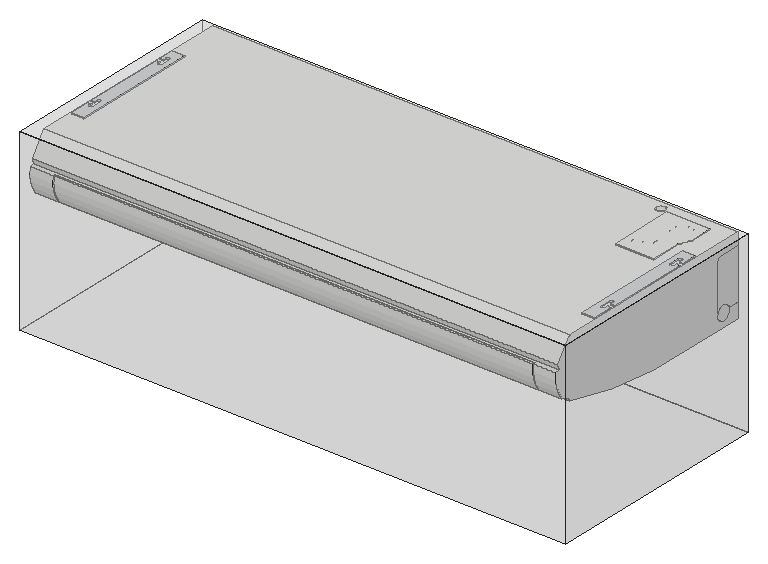
Revit family "outputfile", category 機械設備, Revit 2024
Family settings
  丸型コネクタ寸法 = 半径を使用
  パーツ タイプ = 標準
  OmniClass 番号 = 23.75.10.24.21.27.27
  OmniClass タイトル = Split System Air Conditioning Units
  作業面ベース = いいえ
  常に垂直 = はい
  ロード時にボイドで切り取り = いいえ
  注釈の向きを維持 = いいえ
  共有 = いいえ
  部屋計算ポイント = はい
Parameters (values of type "FXHQ140BVM")
  Description = ""
  製造元 = "Daikin"
  書き出し IFC クラス(タイプ) = "IfcUnitaryEquipmentType"
  定義済み IFC タイプ(タイプ) = "AIRCONDITIONINGUNIT"
  Cost = 0
  モデル = "FXHQ140BVM"
  Type Comments = ""
  Keynote = ""
  Type Image = (empty or 0)
  Assembly Code = ""
  r_Liquid Pipe Size = Liquid Pipe Size / 2  # 4.75 mm
  r_Gas Pipe Size = Gas Pipe Size / 2  # 7.95 mm
  r_Drain Pipe Size = Drain Pipe Size / 2  # 10.0 mm
  l_powersupply [instance] = if(Rear Right Connection_powersupply, 29.0 mm, 175.0 mm)  # 29.0 mm
  h_mountinghole = 2.0 mm  # constant formula
  angle_vertical_powersupply [instance] = if(Rear Right Connection_powersupply, 90.00°, 180.00°)  # 90.00°
  angle_vertical_drainpipe [instance] = if(or(Left Connection_drainpipe, Right Connection_drainpipe), 90.00°, if(Top Connection_drainpipe, 180.00°, -90.00°))  # -90.00°
  angle_horizontal_powersupply [instance] = if(Rear Right Connection_powersupply, 180.00°, 0.00°)  # 180.00°
  angle_horizontal_drainpipe [instance] = if(Right Connection_drainpipe, 90.00°, if(Left Connection_drainpipe, -90.00°, 0.00°))  # 0.00°
  Voltage_comment_60Hz = "220"
  Voltage_comment_50Hz = "220-240"
  Voltage_60Hz = 220 V
  Voltage_50Hz = 220 V
  URL = ""
  Top Connection_refrigerant [instance] = no
  Top Connection_powersupply [instance] = not(Rear Right Connection_powersupply)  # no
  Right Connection_refrigerant [instance] = no
  Rear Right Connection_refrigerant [instance] = yes
  Phase_60Hz = 1
  Phase_50Hz = 1
  Minimum Circuit Amps_60Hz = 1.4 A
  Minimum Circuit Amps_50Hz = 1.4 A
  Maximum Fuse Amps_60Hz = 15.0 A
  Maximum Fuse Amps_50Hz = 15.0 A
  Material_Casing = DAIKIN_White_Casing_indoorunit
  lw_powersupply [instance] = if(Rear Right Connection_powersupply, 220.0 mm, 210.0 mm)  # 220.0 mm
  lw_mountinghole_pitch = 1550.0 mm  # constant formula
  lw_mountinghole = 20.0 mm  # constant formula
  lw_liquidpipe [instance] = if(Right Connection_refrigerant, 156.0 mm, if(Top Connection_refrigerant, 156.0 mm, 136.0 mm))  # 136.0 mm
  lw_gaspipe = 105.0 mm  # constant formula
  lw_drainpipe [instance] = if(Top Connection_drainpipe, 102.0 mm, if(or(Left Connection_drainpipe, Rear Left Connection_drainpipe), 1514.0 mm, 83.0 mm))  # 83.0 mm
  lh_powersupply = 175.0 mm  # constant formula
  lh_liquidpipe [instance] = if(Rear Right Connection_refrigerant, 160.0 mm, 131.0 mm)  # 160.0 mm
  lh_gaspipe [instance] = if(Rear Right Connection_refrigerant, 150.0 mm, 91.0 mm)  # 150.0 mm
  lh_drainpipe = 197.0 mm  # constant formula
  l_antena = 1.0 mm  # constant formula
  ld_powersupply = 30.0 mm  # constant formula
  ld_mountinghole_pitch = 260.0 mm  # constant formula
  ld_mountinghole = 210.0 mm  # constant formula
  ld_liquidpipe [instance] = if(Right Connection_refrigerant, 57.0 mm, if(Top Connection_refrigerant, 189.0 mm, 221.0 mm))  # 221.0 mm
  ld_gaspipe [instance] = if(Right Connection_refrigerant, 57.0 mm, if(Top Connection_refrigerant, 163.0 mm, 214.0 mm))  # 214.0 mm
  ld_drainpipe [instance] = if(or(Left Connection_drainpipe, Right Connection_drainpipe), 57.0 mm, if(Top Connection_drainpipe, 87.0 mm, 268.0 mm))  # 268.0 mm
  l_liquidpipe_length [instance] = if(Right Connection_refrigerant, 156.0 mm, if(Top Connection_refrigerant, 131.0 mm, 220.0 mm))  # 220.0 mm
  l_gaspipe_length [instance] = if(Right Connection_refrigerant, 105.0 mm, if(Top Connection_refrigerant, 91.0 mm, 213.0 mm))  # 213.0 mm
  l_drainpipe_length [instance] = if(Right Connection_drainpipe, 83.0 mm, if(Top Connection_drainpipe, 197.0 mm, if(Left Connection_drainpipe, 76.0 mm, 267.0 mm)))  # 267.0 mm
  h*** = 0.0 mm  # constant formula
  angle_vertical [instance] = if(Right Connection_refrigerant, 90.00°, if(Top Connection_refrigerant, 180.00°, -90.00°))  # -90.00°
  angle_horizontal [instance] = if(Right Connection_refrigerant, 90.00°, 0.00°)  # 0.00°
  Width = 1590.0 mm
  Version = "ver.1.0"
  Unit Type = "Ceiling Suspended Type"
  Unit Mass Weight = 39.00 kg
  Unit Designation [instance] = ""
  Uniclass2015Version = "Products v1.30"
  Uniclass2015Title = "Variable refrigerant flow units"
  Uniclass2015Code = "Pr_70_65_03_94"
  Total Heating Capacity [instance] = 0.000 kW
  Total Cooling Capacity [instance] = 0.000 kW
  Top Connection_drainpipe [instance] = no
  Sound Pressure Level_M speed (dBA) = 0
  Sound Pressure Level_L speed (dBA) = 37
  Sound Pressure Level_H speed (dBA) = 48
  Series = "VRV Fan Coil Unit"
  Sensible Cooling Capacity [instance] = 0.000 kW
  Rear Right Connection_drainpipe [instance] = yes
  Rear Right Connection_powersupply [instance] = yes
  Right Connection_drainpipe [instance] = no
  Refrigerant Type = "R410A"
  Power Input (Heating) = 0.181 kW
  Power Input (Cooling) = 0.181 kW
  Option Accessory 3 [instance] = ""
  Option Accessory 2 [instance] = ""
  Option Accessory 1 [instance] = ""
  Nominal Heating Capacity = 17.000 kW
  Nominal Cooling Capacity = 15.500 kW
  Minimum Airflow = 1200.00 m³/h
  Median Airflow = 0.00 m³/h
  Maximum Airflow = 2160.00 m³/h
  Load Classification = HVAC
  Liquid Pipe Size = 9.5 mm
  Link_Nested Family [instance] = ""
  Rear Left Connection_drainpipe [instance] = no
  Left Connection_drainpipe [instance] = no
  IfcVersion = "0"
  IfcExportType = "AIRCONDITIONINGUNIT"
  IfcExportAs = "IfcUnitaryEquipmentType"
  Height = 235.0 mm
  Heating Entering Wet Bulb Temperature [instance] = 0.00 °C
  Heating Entering Dry Bulb Temperature [instance] = 0.00 °C
  Heating Ambient Wet Bulb Temperature [instance] = 0.00 °C
  Heating Ambient Dry Bulb Temperature [instance] = 0.00 °C
  Heat Exchanger Type = "Cross Fin Coil"
  Gas Pipe Size = 15.9 mm
  Frequency_60Hz = 60 Hz
  Frequency_50Hz = 50 Hz
  Fan Type = "Sirocco Fan"
  Fan Drive = "Direct Drive"
  FCU Tag No. [instance] = ""
  Drain Pipe Size = 20.0 mm
  Design Supply Airflow [instance] = 0.00 m³/h
  Design Outdoor Airflow [instance] = 0.00 m³/h
  Depth = 690.0 mm
  既定の高さ = 0.0 mm
  Cooling Entering Wet Bulb Temperature [instance] = 0.00 °C
  Cooling Entering Dry Bulb Temperature [instance] = 0.00 °C
  Cooling Ambient Wet Bulb Temperature [instance] = 0.00 °C
  Cooling Ambient Dry Bulb Temperature [instance] = 0.00 °C
  Clearance visibility [instance] = yes
  Clearance Top = 5.0 mm
  Clearance Right = 30.0 mm
  Clearance Rear = 0.0 mm
  Clearance Left = 30.0 mm
  Clearance Front = 0.0 mm
  Clearance Bottom = 300.0 mm
Reference planes
  plane 1 "Back": y = 0
  plane 2: z = 0
  plane 3 "Center (Left/Right)": x = 0
  plane 4 "Center (Front/Back)": y = -1
  plane 5 "Front": y = -690
  plane 6 "Left": x = -795
  plane 7 "Right": x = 795
  plane 8 "Top": z = 0
  plane 9 "Bottom": z = -235
  plane 10: y = -690
  plane 11: x = -825
  plane 12: x = 825
  plane 13: z = 5
  plane 14: z = -535
  plane 15: y = 0
  plane 16 "lw_mountinghole": x = -775
  plane 17 "lw_mountinghole2": x = 775
  plane 18 "ld_mountinghole": y = -210
  plane 19 "ld_mountinghole2": y = -470
  plane 20 "lw_gaspipe": x = 690
  plane 21 "ld_gaspipe": y = -214
  plane 22 "lh_gaspipe": z = -150
  plane 23 "lw_liquidpipe": x = 659
  plane 24 "ld_liquidpipe": y = -221
  plane 25 "lh_liquidpipe": z = -160
  plane 26 "ld_drainpipe": y = -268
  plane 27 "lw_drainpipe": x = 712
  plane 28 "lh_drainpipe": z = -197
  plane 29 "lw_powersupply": x = 575
  plane 30 "lh_powersupply": z = -175
  plane 31 "ld_powersupply": y = -30
Forms (mm)
  Extrusion 1, solid, material "DAIKIN_White_Casing_indoorunit" <- "Material_Casing"
    sketch origin (0, 0, 0) x (0, 1, 0) y (0, 0, 1)
      loop
        line (-639.277, 0) -> (-680.876, -61.699) -> (-675.026, -77.772)
        arc (-675.026, -77.772) -> (-681.815, -78.743) -> (-688.601, -79.732) r 2634.132
        arc (-688.601, -79.732) -> (-687.018, -121.096) -> (-669.159, -158.439) r 102.2
        line (-669.159, -158.439) -> (-639.858, -169.325) -> (-635.895, -178.261)
        arc (-635.895, -178.261) -> (-479.121, -215.759) -> (-319.077, -235) r 1400.997
        line (-319.077, -235) -> (-1, -235) -> (-1, 0) -> (-639.277, 0)
    from -795 to 795
  Extrusion 2, solid, material "DAIKIN_White_Casing_indoorunit" <- "Material_Casing"
    sketch origin (0, 0, 0) x (0, 1, 0) y (0, 0, 1)
      loop
        arc (-688.601, -79.732) -> (-687.018, -121.096) -> (-669.159, -158.439) r 102.2
        line (-669.159, -158.439) -> (-665.589, -154.869)
        arc (-665.589, -154.869) -> (-682.432, -118.783) -> (-683.39, -78.971) r 97.2
        arc (-683.39, -78.971) -> (-685.996, -79.351) -> (-688.601, -79.732) r 2634.132
    from -725.5 to 725.5
  Extrusion 3, void
    sketch origin (0, 0, 0) x (0, 1, 0) y (0, 0, 1)
      loop
        line (-301.098, -235) -> (-21.098, -235) -> (-21.098, -230) -> (-301.098, -230) -> (-301.098, -235)
    from -750 to 750
  Extrusion 4, solid, material "DAIKIN_White_Grille_indoorunit"
    sketch origin (0, 0, 0) x (0, 1, 0) y (0, 0, 1)
      loop
        line (-20.098, -230) -> (-301.098, -230) -> (-301.098, -235) -> (-20.098, -235) -> (-20.098, -230)
    from -750 to 750
  Extrusion 5, solid, material "DAIKIN_White_Casing_indoorunit" <- "Material_Casing"
    sketch origin (0, 0, 0) x (1, 0, 0) y (0, 0, 1)
      loop
        line (602, -63) -> (602, -178) -> (673, -220) -> (736, -220) -> (736, -63) -> (602, -63)
    from 0 to 1
  Extrusion 6, solid, material "DAIKIN_White_Casing_indoorunit" <- "Material_Casing"
    sketch origin (0, 0, 0) x (-1, 0, 0) y (0, -1, 0)
      loop
        line (-607, 35) -> (-607, 230) -> (-723, 230) -> (-723, 135) -> (-738, 105) -> (-738, 35) -> (-607, 35)
    from 0 to 1.9
  Extrusion 7, void
    sketch origin (795, 0, 0) x (0, 1, 0) y (0, 0, 1)
      loop
        arc (-79.5, -195) -> (-55.446, -217.446) -> (-34.715, -191.9) r 22.5
        line (-34.715, -191.9) -> (-1, -191.9) -> (-1, -190.1) -> (-35.04, -190.1)
        arc (-35.04, -190.1) -> (-54.942, -172.594) -> (-77.7, -186.182) r 22.5
        line (-77.7, -186.182) -> (-77.7, -43)
        arc (-77.7, -43) -> (-76.528, -40.172) -> (-73.7, -39) r 4
        line (-73.7, -39) -> (-1, -39) -> (-1, -37.2) -> (-73.7, -37.2)
        arc (-73.7, -37.2) -> (-77.801, -38.899) -> (-79.5, -43) r 5.8
        line (-79.5, -43) -> (-79.5, -195)
      loop
        circle (-57, -195) r 20.7
    from 0 to -10
  Extrusion 8, void
    sketch origin (-1444.026, -1, 1200) x (1, 0, 0) y (0, 0, 1)
      loop
        arc (715.026, -1375) -> (704.42, -1379.393) -> (700.026, -1390) r 15
        line (700.026, -1390) -> (700.026, -1400)
        arc (700.026, -1400) -> (704.42, -1410.607) -> (715.026, -1415) r 15
        line (715.026, -1415) -> (745.026, -1415)
        arc (745.026, -1415) -> (755.633, -1410.607) -> (760.026, -1400) r 15
        line (760.026, -1400) -> (760.026, -1390)
        arc (760.026, -1390) -> (755.633, -1379.393) -> (745.026, -1375) r 15
        line (745.026, -1375) -> (715.026, -1375)
    from 0 to 10
  Extrusion 9, void
    sketch origin (-795, 0, 0) x (0, 1, 0) y (0, 0, 1)
      loop
        circle (-57, -197) r 22.5
    from 0 to 10
  Extrusion 10, void
    sketch origin (-1444.026, -1, 1200) x (1, 0, 0) y (0, 0, 1)
      loop
        circle (2136.026, -1375) r 44
    from 0 to 10
  Extrusion 11, void
    sketch origin (0, 0, 0) x (-1, 0, 0) y (0, -1, 0)
      loop
        circle (-693, 87) r 30
    from 0 to -10
  Extrusion 12, void
    sketch origin (0, 0, 0) x (-1, 0, 0) y (0, -1, 0)
      loop
        circle (-690, 163) r 18
    from 0 to -10
  Extrusion 13, void
    sketch origin (0, 0, 0) x (-1, 0, 0) y (0, -1, 0)
      loop
        circle (-639, 189) r 13
    from 0 to -10
  Extrusion 14, void
    sketch origin (-1444.026, -1, 1200) x (1, 0, 0) y (0, 0, 1)
      loop
        circle (2019.026, -1375) r 14.5
    from 0 to 10
  Extrusion 15, void
    sketch origin (0, 0, 0) x (-1, 0, 0) y (0, -1, 0)
      loop
        circle (-585, 30) r 14.5
    from 0 to -10
  Extrusion 16, void
    sketch origin (795, 0, 0) x (0, 1, 0) y (0, 0, 1)
      loop
        arc (-665.589, -154.869) -> (-682.432, -118.783) -> (-683.39, -78.971) r 97.2
        arc (-683.39, -78.971) -> (-685.996, -79.351) -> (-688.601, -79.732) r 2634.132
        arc (-688.601, -79.732) -> (-687.018, -121.096) -> (-669.159, -158.439) r 102.2
        line (-669.159, -158.439) -> (-665.589, -154.869)
    from -69.5 to -1520.5
  Extrusion 17, solid, material "DAIKIN_White_Casing_indoorunit" <- "Material_Casing"
    sketch origin (-795, 0, 0) x (0, 1, 0) y (0, 0, 1)
      loop
        circle (-57, -197) r 22.5
    from 0 to 10
  Extrusion 18, solid
    sketch origin (0, 0, 0) x (-1, 0, 0) y (0, -1, 0)
      loop
        line (781, 223.998) -> (781, 215.998) -> (791.2, 215.998) -> (791.2, 463.998) -> (781, 463.998) -> (781, 455.998)
        arc (781, 455.998) -> (775, 449.998) -> (769, 455.998) r 6
        line (769, 455.998) -> (769, 483.998)
        arc (769, 483.998) -> (775, 489.998) -> (781, 483.998) r 6
        line (781, 483.998) -> (781, 475.998) -> (791.2, 475.998) -> (791.2, 538.998) -> (752.798, 538.998) -> (752.798, 158.998) -> (791.2, 158.998) -> (791.2, 203.998) -> (781, 203.998) -> (781, 195.998)
        arc (781, 195.998) -> (775, 189.998) -> (769, 195.998) r 6
        line (769, 195.998) -> (769, 223.998)
        arc (769, 223.998) -> (775, 229.998) -> (781, 223.998) r 6
      loop
        line (-769, 223.998) -> (-769, 195.998)
        arc (-769, 195.998) -> (-775, 189.998) -> (-781, 195.998) r 6
        line (-781, 195.998) -> (-781, 203.998) -> (-791.2, 203.998) -> (-791.2, 158.998) -> (-752.798, 158.998) -> (-752.798, 538.998) -> (-791.2, 538.998) -> (-791.2, 475.998) -> (-781, 475.998) -> (-781, 483.998)
        arc (-781, 483.998) -> (-775, 489.998) -> (-769, 483.998) r 6
        line (-769, 483.998) -> (-769, 455.998)
        arc (-769, 455.998) -> (-775, 449.998) -> (-781, 455.998) r 6
        line (-781, 455.998) -> (-781, 463.998) -> (-791.2, 463.998) -> (-791.2, 215.998) -> (-781, 215.998) -> (-781, 223.998)
        arc (-781, 223.998) -> (-775, 229.998) -> (-769, 223.998) r 6
    from 0 to 2
Cuts and joins
  Extrusion 3, Extrusion 7, Extrusion 8, Extrusion 9, Extrusion 10, Extrusion 11, Extrusion 12, Extrusion 13, Extrusion 14, Extrusion 15, Extrusion 16 cuts Extrusion 1
Lines and regions (mm)
  reference lines
    curve 1: line (795, -580.282, -192.75) -> (795, -551.225, -200.21)
Dimensions and locks
  equal spacing: plane 6 "Left", plane 3 "Center (Left/Right)", plane 7 "Right"
  "Width": plane 6 "Left" to plane 7 "Right"
  "Depth": plane 5 "Front" to plane 1 "Back"
  "Height": plane 8 "Top" to plane 9 "Bottom"
  "Clearance Front": plane 10 to plane 5 "Front"
  "Clearance Left": plane 11 to plane 6 "Left"
  "Clearance Right": plane 7 "Right" to plane 12
  "Clearance Top": plane 13 to plane 8 "Top"
  "Clearance Bottom": plane 9 "Bottom" to plane 14
  "Clearance Rear": plane 1 "Back" to plane 15
  locked: plane 4 "Center (Front/Back)" to plane 1 "Back" at 1
  locked: Extrusion 1 sketch curve to Extrusion 1 sketch curve at 235
  locked: Extrusion 1 sketch curve to Extrusion 1 sketch curve at 318.077
  locked: Extrusion 1 sketch curve to Extrusion 1 sketch curve at 1163.297
  locked: Extrusion 1 sketch curve to Extrusion 1 sketch curve at 231.144
  Extrusion 3 sketch curve to Extrusion 3 sketch curve to plane 1 "Back" = 280.0 mm locked, 21.098 mm locked
  "ld_mountinghole": plane 18 "ld_mountinghole" to plane 1 "Back"
  "ld_mountinghole_pitch": plane 18 "ld_mountinghole" to plane 19 "ld_mountinghole2"
  "lw_mountinghole_pitch": plane 16 "lw_mountinghole" to plane 17 "lw_mountinghole2"
  "lw_mountinghole": plane 6 "Left" to plane 16 "lw_mountinghole"
  "lw_gaspipe": plane 20 "lw_gaspipe" to plane 7 "Right"
  "ld_gaspipe": plane 1 "Back" to plane 21 "ld_gaspipe"
  "lw_liquidpipe": plane 23 "lw_liquidpipe" to plane 7 "Right"
  "ld_liquidpipe": plane 1 "Back" to plane 24 "ld_liquidpipe"
  "lw_drainpipe": plane 27 "lw_drainpipe" to plane 7 "Right"
  "ld_drainpipe": plane 26 "ld_drainpipe" to plane 1 "Back"
  plane 8 "Top" to Extrusion 5 sketch curve to Extrusion 5 sketch curve = 63.0 mm locked, 157.0 mm locked
  plane 7 "Right" to Extrusion 5 sketch curve to Extrusion 5 sketch curve = 59.0 mm locked, 134.0 mm locked
  locked: Extrusion 5 sketch curve to Extrusion 5 sketch curve at 115
  locked: Extrusion 5 sketch curve to Extrusion 5 sketch curve at 63
  locked: Extrusion 6 sketch curve to Extrusion 6 sketch curve at 195
  locked: Extrusion 6 sketch curve to Extrusion 6 sketch curve at 116
  locked: Extrusion 6 sketch curve to Extrusion 6 sketch curve at 131
  locked: Extrusion 6 sketch curve to Extrusion 6 sketch curve at 100
  locked: Extrusion 6 sketch curve to plane 1 "Back" at 35
  locked: Extrusion 6 sketch curve to plane 7 "Right" at 57
  locked: Extrusion 8 sketch curve to Extrusion 8 sketch curve at 40
  locked: Extrusion 8 sketch curve to Extrusion 8 sketch curve at 60
  locked: plane 8 "Top" to Extrusion 8 sketch curve at 175
  locked: Extrusion 8 sketch curve to plane 6 "Left" at 51
  locked: plane 7 "Right" to Extrusion 10 sketch curve at 103
  locked: plane 8 "Top" to Extrusion 10 sketch curve at 175
  locked: Extrusion 11 sketch curve to plane 1 "Back" at 87
  locked: Extrusion 11 sketch curve to plane 7 "Right" at 102
  locked: Extrusion 12 sketch curve to plane 1 "Back" at 163
  locked: Extrusion 12 sketch curve to plane 7 "Right" at 105
  locked: Extrusion 13 sketch curve to plane 1 "Back" at 189
  locked: Extrusion 13 sketch curve to plane 7 "Right" at 156
  "lw_powersupply": plane 29 "lw_powersupply" to plane 7 "Right"
  "lh_gaspipe": plane 8 "Top" to plane 22 "lh_gaspipe"
  "lh_liquidpipe": plane 8 "Top" to plane 25 "lh_liquidpipe"
  "lh_powersupply": plane 8 "Top" to plane 30 "lh_powersupply"
  "lh_drainpipe": plane 8 "Top" to plane 28 "lh_drainpipe"
  "ld_powersupply": plane 1 "Back" to plane 31 "ld_powersupply"
  locked: plane 8 "Top" to Extrusion 7 sketch curve at 195
  locked: Extrusion 7 sketch curve to plane 1 "Back" at 57
  locked: plane 9 "Bottom" to Extrusion 7 sketch curve at 43.1
  locked: Extrusion 7 sketch curve to plane 8 "Top" at 39
  locked: Extrusion 7 sketch curve to plane 1 "Back" at 79.5
  locked: Extrusion 9 sketch curve to plane 1 "Back" at 57
  locked: plane 8 "Top" to Extrusion 9 sketch curve at 197
  locked: Extrusion 17 sketch curve to plane 1 "Back" at 57
  locked: plane 8 "Top" to Extrusion 17 sketch curve at 197
  locked: plane 7 "Right" to Extrusion 14 sketch curve at 220
  locked: plane 8 "Top" to Extrusion 14 sketch curve at 175
  locked: Extrusion 15 sketch curve to plane 7 "Right" at 210
  locked: Extrusion 15 sketch curve to plane 1 "Back" at 30
  locked: curve 1 to plane 9 "Bottom" at 34.79
  locked: curve 1 to plane 9 "Bottom" at 42.25
  locked: curve 1 to plane 9 "Bottom" (angle 14.40°)
  aligned and locked: level to plane 2
  aligned and locked: nested 1 to plane 11
  aligned and locked: nested 1 to plane 12
  aligned and locked: nested 1 to plane 10
  aligned and locked: plane 13 to nested 1
  aligned and locked: plane 14 to nested 1
  aligned and locked: plane 15 to nested 1
  aligned and locked: Extrusion 1 sketch curve to plane 8 "Top"
  aligned and locked: Extrusion 2 sketch curve to Extrusion 1  (x2)
  aligned and locked: plane 7 "Right" to Extrusion 1
  aligned and locked: Extrusion 1 to plane 6 "Left"
  aligned and locked: cut or joined group 1 (Extrusion 1, Extrusion 3, Extrusion 7, Extrusion 8, Extrusion 9, Extrusion 10, Extrusion 11, Extrusion 12, Extrusion 13, Extrusion 14, Extrusion 15, Extrusion 16) to Extrusion 3 sketch curve
  aligned and locked: cut or joined group 1 to Extrusion 4 sketch curve
  aligned and locked: Extrusion 5 to plane 4 "Center (Front/Back)"
  aligned and locked: Extrusion 7 sketch curve to plane 4 "Center (Front/Back)"
  aligned and locked: Extrusion 16 sketch curve to Extrusion 2  (x4)
  aligned and locked: Extrusion 16 to Extrusion 2  (x2)
  aligned and locked: nested 2 to plane 26 "ld_drainpipe"
  aligned and locked: plane 27 "lw_drainpipe" to nested 2
  aligned and locked: plane 20 "lw_gaspipe" to nested 3
  aligned and locked: nested 3 to plane 21 "ld_gaspipe"
  aligned and locked: plane 23 "lw_liquidpipe" to nested 4
  aligned and locked: nested 4 to plane 24 "ld_liquidpipe"
  aligned and locked: plane 25 "lh_liquidpipe" to nested 4
  aligned and locked: Extrusion 4 sketch curve to cut or joined group 1
  aligned and locked: nested 5 to plane 31 "ld_powersupply"
  aligned and locked: plane 29 "lw_powersupply" to nested 5
  aligned and locked: nested 7 to plane 18 "ld_mountinghole"
  aligned and locked: plane 16 "lw_mountinghole" to nested 7
  aligned and locked: nested 6 to plane 19 "ld_mountinghole2"
  aligned and locked: plane 16 "lw_mountinghole" to nested 6
  aligned and locked: nested 9 to plane 18 "ld_mountinghole"
  aligned and locked: plane 17 "lw_mountinghole2" to nested 9
  aligned and locked: plane 17 "lw_mountinghole2" to nested 8
  aligned and locked: nested 8 to plane 19 "ld_mountinghole2"
  aligned and locked: nested 10 to curve 1
  aligned and locked: level to plane 8 "Top"
Automatic sketch dimensions
  Extrusion 1 sketch curve to plane 5 "Front" = 9.124 mm
  Extrusion 1 sketch curve to plane 8 "Top" = 61.699 mm
  Extrusion 1 sketch curve to plane 5 "Front" = 14.974 mm
  Extrusion 1 sketch curve to plane 5 "Front" = 50.723 mm
  Extrusion 1 sketch curve to Extrusion 1 sketch curve = 16.072 mm
  Extrusion 1 sketch curve to plane 5 "Front" = 54.105 mm
  Extrusion 1 sketch curve to Extrusion 1 sketch curve = 87.226 mm
  Extrusion 1 sketch curve to plane 4 "Center (Front/Back)" = 304.278 mm
  Extrusion 1 sketch curve to Extrusion 1 sketch curve = 18.815 mm
  Extrusion 1 sketch curve to plane 5 "Front" = 1.399 mm
  Extrusion 1 sketch curve to plane 5 "Front" = 20.841 mm
  Extrusion 1 sketch curve to Extrusion 1 sketch curve = 3.963 mm
  Extrusion 1 sketch curve to Extrusion 1 sketch curve = 1.961 mm
  Extrusion 1 sketch curve to Extrusion 1 sketch curve = 8.936 mm
  Extrusion 1 sketch curve to plane 4 "Center (Front/Back)" = 0.0 mm
  Extrusion 2 sketch curve to Extrusion 2 sketch curve = 0.0 mm  (x2)
  Extrusion 2 sketch curve to Extrusion 2 sketch curve = 5.21 mm
  Extrusion 2 sketch curve to Extrusion 2 sketch curve = 3.57 mm  (x2)
  plane 9 "Bottom" to Extrusion 3 sketch curve = 5.0 mm
  Extrusion 6 sketch curve to Extrusion 6 sketch curve = 30.0 mm
  Extrusion 8 sketch curve to plane 28 "lh_drainpipe" = 3.0 mm  (x2)
  Extrusion 7 sketch curve to Extrusion 7 sketch curve = 0.0 mm  (x6)
  Extrusion 7 sketch curve to plane 4 "Center (Front/Back)" = 0.0 mm  (x2)
  Extrusion 7 sketch curve to Extrusion 7 sketch curve = 1.8 mm  (x2)
  Extrusion 7 sketch curve to Extrusion 7 sketch curve = 0.325 mm
  Extrusion 7 sketch curve to Extrusion 7 sketch curve = 4.0 mm
  plane 9 "Bottom" to Extrusion 4 sketch curve = 5.0 mm
  plane 31 "ld_powersupply" to Extrusion 4 sketch curve = 9.902 mm
  Extrusion 18 sketch curve to plane 17 "lw_mountinghole2" = 0.0 mm  (x4)
  Extrusion 18 sketch curve to plane 16 "lw_mountinghole" = 0.0 mm  (x4)
  plane 17 "lw_mountinghole2" to Extrusion 18 sketch curve = 6.0 mm  (x2)
  Extrusion 18 sketch curve to plane 7 "Right" = 3.8 mm  (x3)
  plane 16 "lw_mountinghole" to Extrusion 18 sketch curve = 22.202 mm
  plane 16 "lw_mountinghole" to Extrusion 18 sketch curve = 6.0 mm
  Extrusion 18 sketch curve to Extrusion 18 sketch curve = 6.0 mm
  plane 6 "Left" to Extrusion 18 sketch curve = 3.8 mm  (x3)
  plane 18 "ld_mountinghole" to Extrusion 18 sketch curve = 51.002 mm  (x2)
  plane 18 "ld_mountinghole" to Extrusion 18 sketch curve = 14.002 mm  (x2)
  plane 18 "ld_mountinghole" to Extrusion 18 sketch curve = 6.002 mm  (x2)
  Extrusion 18 sketch curve to plane 18 "ld_mountinghole" = 5.998 mm  (x2)
  Extrusion 18 sketch curve to Extrusion 18 sketch curve = 8.0 mm  (x3)
  plane 19 "ld_mountinghole2" to Extrusion 18 sketch curve = 14.002 mm  (x2)
  plane 19 "ld_mountinghole2" to Extrusion 18 sketch curve = 6.002 mm  (x2)
  Extrusion 18 sketch curve to plane 19 "ld_mountinghole2" = 5.998 mm  (x2)
  Extrusion 18 sketch curve to plane 19 "ld_mountinghole2" = 13.998 mm
  Extrusion 18 sketch curve to Extrusion 18 sketch curve = 55.0 mm  (x2)
  Extrusion 18 sketch curve to plane 17 "lw_mountinghole2" = 22.202 mm
  curve 1 to plane 5 "Front" = 109.718 mm
  Extrusion 8 sketch curve to Extrusion 8 sketch curve = 15.0 mm  (x2)
  radius of Extrusion 10 sketch curve = 44.0 mm
  radius of Extrusion 11 sketch curve = 30.0 mm
  radius of Extrusion 12 sketch curve = 18.0 mm
  radius of Extrusion 13 sketch curve = 13.0 mm
  radius of Extrusion 15 sketch curve = 14.5 mm
  radius of Extrusion 14 sketch curve = 14.5 mm
  radius of Extrusion 7 sketch curve = 20.7 mm
  radius of Extrusion 9 sketch curve = 22.5 mm
  radius of Extrusion 17 sketch curve = 22.5 mm
Nested families
  nested 1: "daikin_clearancespace" at (0, -345, -264.881), visible <- "Clearance visibility", show <- "Clearance visibility", Link_Nested Family <- "Link_Nested Family", type "daikin_clearancespace"
    with width 1650.0 mm, show yes, height 540.0 mm, depth 690.0 mm, Link_Nested Family ""
  nested 2: "daikin_connector_rotate3" at (712, -268, -197), radius <- "r_Drain Pipe Size", angle_vertical <- "angle_vertical_drainpipe", angle_horizontal <- "angle_horizontal_drainpipe", length <- "l_drainpipe_length", type "daikin_connector_rotate3"
    with show no, radius 10.0 mm, length 267.0 mm, angle_vertical -90.00°, angle_horizontal 0.00°
  nested 3: "daikin_connector_rotate3" at (690, -214, -150), radius <- "r_Gas Pipe Size", angle_vertical <- "angle_vertical", angle_horizontal <- "angle_horizontal", length <- "l_gaspipe_length", type "daikin_connector_rotate3"
    with show no, radius 7.95 mm, length 213.0 mm, angle_vertical -90.00°, angle_horizontal 0.00°
  nested 4: "daikin_connector_rotate3" at (659, -221, -160), radius <- "r_Liquid Pipe Size", angle_vertical <- "angle_vertical", angle_horizontal <- "angle_horizontal", length <- "l_liquidpipe_length", type "daikin_connector_rotate3"
    with show no, radius 4.75 mm, length 220.0 mm, angle_vertical -90.00°, angle_horizontal 0.00°
  nested 5: "daikin_connector_rotate3" at (575, -30, -175), length <- "l_powersupply", angle_vertical <- "angle_vertical_powersupply", angle_horizontal <- "angle_horizontal_powersupply", type "daikin_connector_rotate3"
    with show no, radius 10.0 mm, length 29.0 mm, angle_vertical 90.00°, angle_horizontal 180.00°
  nested 6: "daikin_mountinghole" at (-775, -470, 0), l_antenna <- "l_antena", Link_Nested Family <- "Link_Nested Family", h_mountinghole <- "h_mountinghole", type "daikin_mountinghole"
    with show yes, l_antenna 1.0 mm, h_mountinghole 2.0 mm, Link_Nested Family ""
  nested 7: "daikin_mountinghole" at (-775, -210, 0), l_antenna <- "l_antena", Link_Nested Family <- "Link_Nested Family", h_mountinghole <- "h_mountinghole", type "daikin_mountinghole"
    with show yes, l_antenna 1.0 mm, h_mountinghole 2.0 mm, Link_Nested Family ""
  nested 8: "daikin_mountinghole" at (775, -470, 0), l_antenna <- "l_antena", Link_Nested Family <- "Link_Nested Family", h_mountinghole <- "h_mountinghole", type "daikin_mountinghole"
    with show yes, l_antenna 1.0 mm, h_mountinghole 2.0 mm, Link_Nested Family ""
  nested 9: "daikin_mountinghole" at (775, -210, 0), Link_Nested Family <- "Link_Nested Family", l_antenna <- "l_antena", h_mountinghole <- "h_mountinghole", type "daikin_mountinghole"
    with show yes, l_antenna 1.0 mm, h_mountinghole 2.0 mm, Link_Nested Family ""
  nested 10: "daikin_logo_plane_w40" at (647.963, -559.801, -198.008) x (1, 0, 0) z (0, -0.2487, -0.9686), type "daikin_logo_plane_w40"
    with show_logo yes
Connectors
  piping at (712, -1, -197), diameter 20, driven by "r_Drain Pipe Size"
    settings: on nested 2, index 1, connector inside diameter 609.6 mm, connector length 0.0 mm, flow factor 0, pipe flow 0.00 m³/h, pressure drop 0.0 Pa, fitting loss kfactor 0, connector angle 0.00°, fixture units 0, engagement length 0.0 mm, angle of deflection 0.00°, flow configuration 1, flow direction 2, fitting loss method 4, system type 16, joint type 0, gender type 0, connector reference index -1, connector utility 0, adjustable connector no, is connector primary yes, connector description "Condensate Drain Piping"
  piping at (690, -1, -150), diameter 15.9, driven by "r_Gas Pipe Size"
    settings: on nested 3, index 3, connector inside diameter 609.6 mm, connector length 0.0 mm, flow factor 0, pipe flow 0.00 m³/h, pressure drop 0.0 Pa, fitting loss kfactor 0, connector angle 0.00°, fixture units 0, engagement length 0.0 mm, angle of deflection 0.00°, flow configuration 1, flow direction 2, fitting loss method 0, system type 29, joint type 0, gender type 0, connector reference index -1, connector utility 0, adjustable connector no, is connector primary no, connector description "Refrigerant Gas Piping"
  piping at (659, -1, -160), diameter 9.5, driven by "r_Liquid Pipe Size"
    settings: on nested 4, index 4, connector inside diameter 609.6 mm, connector length 0.0 mm, flow factor 0, pipe flow 0.00 m³/h, pressure drop 0.0 Pa, fitting loss kfactor 0, connector angle 0.00°, fixture units 0, engagement length 0.0 mm, angle of deflection 0.00°, flow configuration 1, flow direction 1, fitting loss method 0, system type 29, joint type 0, gender type 0, connector reference index -1, connector utility 0, adjustable connector no, is connector primary no, connector description "Refrigerant Liquid Piping"
  electrical at (575, -1, -175), driven by "Load Classification"
    settings: on nested 5, index 6, voltage 0 V, apparent load 0 VA, apparent load phase1 0 VA, apparent load phase2 0 VA, apparent load phase3 0 VA, power factor 1, load classification "HVAC", number of poles 1, system type 30, power factor state 1, is connector primary yes, connector utility no, sub classification motor no, connector description "Power Supply"
Definition of nested family "daikin_clearancespace"
  Parameters (values of type "daikin_clearancespace")
    width [instance] = 1823.963 mm
    show [instance] = yes
    material = none
    height [instance] = 1359.762 mm
    depth [instance] = 880.0 mm
    Default Elevation = 0.0 mm
    Link_Nested Family [instance] = ""
  Reference planes
    plane 1 "Center (Front/Back)": y = 0
    plane 2 "Center (Elevation)": z = -0.119
    plane 3 "Center (Left/Right)": x = 0
    plane 4: y = 440
    plane 5: y = -440
    plane 6 "Right": x = 911.982
    plane 7 "Left": x = -911.982
    plane 8 "Top": z = 679.762
    plane 9 "Bottom": z = -680
  Forms (mm)
    Extrusion 1, solid, material <- "material", visible <- "show"
      sketch origin (0, 0, 0) x (1, 0, 0) y (0, 1, 0)
        loop
          line (-911.982, 440) -> (-911.982, -440) -> (911.982, -440) -> (911.982, 440) -> (-911.982, 440)
      from -680 to 679.762
  Lines and regions (mm)
    symbolic lines, visible <- "show"
      curve 1: line (911.982, 440, 0) -> (-911.982, 440, 0)
      curve 2: line (-911.982, 440, 0) -> (-911.982, -440, 0)
      curve 3: line (-911.982, -440, 0) -> (911.982, -440, 0)
      curve 4: line (911.982, -440, 0) -> (911.982, 440, 0)
      curve 5: line (911.982, 0, 679.762) -> (-911.982, 0, 679.762)
      curve 6: line (911.982, 0, -680) -> (911.982, 0, 679.762)
      curve 7: line (-911.982, 0, -680) -> (911.982, 0, -680)
      curve 8: line (-911.982, 0, 679.762) -> (-911.982, 0, -680)
      curve 9: line (0, 440, 679.762) -> (0, -440, 679.762)
      curve 10: line (0, -440, 679.762) -> (0, -440, -680)
      curve 11: line (0, 440, -680) -> (0, 440, 679.762)
      curve 12: line (0, -440, -680) -> (0, 440, -680)
  Dimensions and locks
    "width": plane 7 "Left" to plane 6 "Right"
    "depth": plane 4 to plane 5
    "height": plane 8 "Top" to plane 9 "Bottom"
    equal spacing: plane 7 "Left", plane 3 "Center (Left/Right)", plane 6 "Right"
    equal spacing: plane 4, plane 1 "Center (Front/Back)", plane 5
    equal spacing: plane 8 "Top", plane 2 "Center (Elevation)", plane 9 "Bottom"
    aligned and locked: level to plane 2 "Center (Elevation)"
    aligned and locked: Extrusion 1 sketch curve to plane 4
    aligned and locked: plane 7 "Left" to Extrusion 1 sketch curve
    aligned and locked: Extrusion 1 sketch curve to plane 5
    aligned and locked: Extrusion 1 sketch curve to plane 6 "Right"
    aligned and locked: plane 8 "Top" to Extrusion 1
    aligned and locked: curve 1 to Extrusion 1
    aligned and locked: curve 2 to Extrusion 1
    aligned and locked: curve 3 to Extrusion 1
    aligned and locked: curve 4 to Extrusion 1
    aligned and locked: curve 5 to Extrusion 1
    aligned and locked: curve 6 to Extrusion 1
    aligned and locked: curve 7 to Extrusion 1
    aligned and locked: curve 8 to Extrusion 1
    aligned and locked: curve 9 to Extrusion 1
    aligned and locked: curve 10 to Extrusion 1
    aligned and locked: curve 11 to Extrusion 1
    aligned and locked: curve 12 to Extrusion 1
    aligned and locked: Extrusion 1 to plane 9 "Bottom"
Definition of nested family "daikin_logo_plane_w40"
  Parameters (values of type "daikin_logo_plane_w40")
    width = 40.0 mm
    show_logo [instance] = yes
    material = none
    height = 0.0 mm
    depth = 0.0 mm
    Default Elevation = 1219.2 mm
  Reference planes
    plane 1 "Center (Front/Back)": y = 0
    plane 2: z = 0
    plane 3 "Center (Left/Right)": x = 0
    plane 4: z = 2
    plane 5 "left": x = -19
    plane 6: x = 19
  Forms (mm)
    Extrusion 1, solid, visible <- "show_logo"
      sketch origin (-19, 0, 0) x (1, 0, 0) y (0, 1, 0)
        loop
          line (8.902, -1.878) -> (7.789, -6.332) -> (11.13, -6.332)
          arc (11.13, -6.332) -> (12.454, -6.064) -> (13.472, -5.176) r 2.642
          arc (13.472, -5.176) -> (13.92, -4.02) -> (13.767, -2.79) r 2.537
          arc (13.767, -2.79) -> (13.452, -2.342) -> (12.982, -2.06) r 1.321
          arc (12.982, -2.06) -> (12.063, -1.902) -> (11.13, -1.878) r 6.479
          line (11.13, -1.878) -> (8.902, -1.878)
        loop
          line (10.016, -5.441) -> (10.907, -5.441)
          arc (10.907, -5.441) -> (11.591, -4.983) -> (11.988, -4.261) r 1.742
          spline (11.988, -4.261) -> (12.01, -4.155) -> (12.027, -4.03) -> (12.037, -3.893) -> (12.037, -3.747) -> (12.026, -3.598) -> (12.002, -3.451) -> (11.962, -3.31) -> (11.905, -3.181) -> (11.829, -3.069) -> (11.731, -2.978) -> (11.61, -2.913) -> (11.464, -2.88)
          line (11.464, -2.88) -> (10.573, -2.88) -> (10.016, -5.441)
        loop
          line (13.58, -6.332) -> (14.805, -6.332) -> (15.223, -5.553) -> (16.977, -5.553) -> (17.144, -6.332) -> (19.149, -6.332) -> (18.258, -1.878) -> (16.03, -1.878) -> (13.58, -6.332)
        loop
          line (16.476, -3.214) -> (15.76, -4.551) -> (16.762, -4.551) -> (16.476, -3.214)
        loop
          line (19.705, -6.332) -> (21.599, -6.332) -> (22.712, -1.878) -> (20.819, -1.878) -> (19.705, -6.332)
        loop
          line (22.712, -6.332) -> (24.606, -6.332) -> (24.908, -5.122) -> (25.831, -6.332) -> (28.17, -6.332) -> (26.388, -3.994) -> (28.949, -1.878) -> (26.945, -1.878) -> (25.401, -3.153) -> (25.719, -1.878) -> (23.826, -1.878) -> (22.712, -6.332)
        loop
          line (29.84, -1.878) -> (28.615, -6.332) -> (30.62, -6.332) -> (31.734, -1.878) -> (29.84, -1.878)
        loop
          line (31.734, -6.332) -> (33.07, -6.332) -> (33.7, -3.814) -> (34.518, -6.332) -> (36.745, -6.332) -> (37.859, -1.878) -> (36.523, -1.878) -> (35.845, -4.589) -> (34.963, -1.878) -> (32.847, -1.878) -> (31.734, -6.332)
      from 0 to 2
    Extrusion 2, solid, visible <- "show_logo"
      sketch origin (-19, 0, 0) x (1, 0, 0) y (0, 1, 0)
        loop
          line (8.7, 0) -> (4.235, 0) -> (0, -3.879) -> (0, -8) -> (8.7, 0)
      from 0 to 2
    Extrusion 3, solid, visible <- "show_logo"
      sketch origin (-19, 0, 0) x (1, 0, 0) y (0, 1, 0)
        loop
          line (0, 0) -> (0, -3.879) -> (4.235, 0) -> (0, 0)
      from 0 to 2
  Dimensions and locks
    plane 4 to plane 2 = 2.0 mm
    equal spacing: plane 5 "left", plane 3 "Center (Left/Right)", plane 6
    locked: plane 5 "left" to plane 6 at 38
    aligned and locked: level to plane 2
    aligned and locked: Extrusion 3 to plane 1 "Center (Front/Back)"  (x2)
    aligned and locked: Extrusion 2 to plane 1 "Center (Front/Back)"  (x2)
    aligned and locked: plane 4 to Extrusion 1
    aligned and locked: plane 4 to Extrusion 3
    aligned and locked: plane 4 to Extrusion 2
    aligned and locked: Extrusion 3 to plane 5 "left"
    aligned and locked: Extrusion 2 to plane 5 "left"
  Automatic sketch dimensions
    Extrusion 1 sketch curve to Extrusion 1 sketch curve = 0.901 mm
    Extrusion 1 sketch curve to Extrusion 1 sketch curve = 1.559 mm
    Extrusion 1 sketch curve to Extrusion 1 sketch curve = 1.327 mm
    Extrusion 1 sketch curve to Extrusion 1 sketch curve = 2.145 mm
    Extrusion 1 sketch curve to Extrusion 1 sketch curve = 1.448 mm
    Extrusion 1 sketch curve to Extrusion 1 sketch curve = 2.116 mm
    Extrusion 1 sketch curve to Extrusion 1 sketch curve = 1.114 mm  (x4)
    Extrusion 1 sketch curve to Extrusion 1 sketch curve = 1.336 mm  (x2)
    plane 1 "Center (Front/Back)" to Extrusion 1 sketch curve = 1.878 mm  (x5)
    Extrusion 1 sketch curve to Extrusion 1 sketch curve = 1.893 mm  (x5)
    Extrusion 1 sketch curve to Extrusion 1 sketch curve = 0.891 mm  (x4)
    Extrusion 1 sketch curve to Extrusion 1 sketch curve = 2.005 mm  (x3)
    Extrusion 1 sketch curve to Extrusion 1 sketch curve = 0.445 mm  (x2)
    plane 1 "Center (Front/Back)" to Extrusion 1 sketch curve = 3.994 mm
    Extrusion 1 sketch curve to Extrusion 1 sketch curve = 0.557 mm  (x2)
    Extrusion 1 sketch curve to Extrusion 1 sketch curve = 2.339 mm  (x2)
    Extrusion 1 sketch curve to Extrusion 1 sketch curve = 1.225 mm  (x3)
    plane 1 "Center (Front/Back)" to Extrusion 1 sketch curve = 3.153 mm
    Extrusion 1 sketch curve to Extrusion 1 sketch curve = 0.987 mm
    plane 1 "Center (Front/Back)" to Extrusion 1 sketch curve = 5.122 mm
    Extrusion 1 sketch curve to Extrusion 1 sketch curve = 0.922 mm
    plane 1 "Center (Front/Back)" to Extrusion 1 sketch curve = 6.332 mm
    Extrusion 1 sketch curve to Extrusion 1 sketch curve = 2.562 mm
    plane 1 "Center (Front/Back)" to Extrusion 1 sketch curve = 5.553 mm
    Extrusion 1 sketch curve to Extrusion 1 sketch curve = 0.167 mm
    Extrusion 1 sketch curve to Extrusion 1 sketch curve = 0.215 mm
    plane 1 "Center (Front/Back)" to Extrusion 1 sketch curve = 3.214 mm
    Extrusion 1 sketch curve to Extrusion 1 sketch curve = 0.286 mm
    plane 1 "Center (Front/Back)" to Extrusion 1 sketch curve = 4.551 mm
    Extrusion 1 sketch curve to Extrusion 1 sketch curve = 1.002 mm
    Extrusion 1 sketch curve to Extrusion 1 sketch curve = 0.537 mm
    Extrusion 1 sketch curve to Extrusion 1 sketch curve = 0.418 mm
    Extrusion 1 sketch curve to Extrusion 1 sketch curve = 1.028 mm
    plane 1 "Center (Front/Back)" to Extrusion 1 sketch curve = 4.261 mm
    Extrusion 1 sketch curve to Extrusion 1 sketch curve = 0.563 mm
    plane 1 "Center (Front/Back)" to Extrusion 1 sketch curve = 2.88 mm
    Extrusion 1 sketch curve to Extrusion 1 sketch curve = 1.088 mm
    Extrusion 1 sketch curve to Extrusion 1 sketch curve = 2.152 mm
    Extrusion 1 sketch curve to Extrusion 1 sketch curve = 0.586 mm
    Extrusion 1 sketch curve to Extrusion 1 sketch curve = 0.118 mm
    Extrusion 1 sketch curve to Extrusion 1 sketch curve = 0.298 mm
    Extrusion 1 sketch curve to Extrusion 1 sketch curve = 0.334 mm
    Extrusion 1 sketch curve to Extrusion 1 sketch curve = 0.223 mm
    Extrusion 1 sketch curve to Extrusion 1 sketch curve = 0.266 mm
    Extrusion 1 sketch curve to Extrusion 1 sketch curve = 1.671 mm
    Extrusion 1 sketch curve to Extrusion 1 sketch curve = 2.227 mm
    Extrusion 1 sketch curve to Extrusion 1 sketch curve = 0.0 mm  (x7)
    Extrusion 1 sketch curve to Extrusion 1 sketch curve = 3.453 mm
    Extrusion 1 sketch curve to Extrusion 1 sketch curve = 2.017 mm
    Extrusion 1 sketch curve to Extrusion 1 sketch curve = 0.78 mm  (x2)
    Extrusion 1 sketch curve to Extrusion 1 sketch curve = 1.743 mm
    Extrusion 1 sketch curve to Extrusion 1 sketch curve = 0.775 mm
    Extrusion 1 sketch curve to Extrusion 1 sketch curve = 0.552 mm
    Extrusion 1 sketch curve to Extrusion 1 sketch curve = 0.014 mm
    Extrusion 1 sketch curve to Extrusion 1 sketch curve = 0.952 mm
    Extrusion 1 sketch curve to Extrusion 1 sketch curve = 1.215 mm
    Extrusion 1 sketch curve to Extrusion 1 sketch curve = 0.108 mm
    plane 1 "Center (Front/Back)" to Extrusion 2 sketch curve = 0.0 mm
    Extrusion 2 sketch curve to plane 3 "Center (Left/Right)" = 19.0 mm
    Extrusion 2 sketch curve to plane 3 "Center (Left/Right)" = 14.765 mm
    Extrusion 2 sketch curve to Extrusion 2 sketch curve = 4.465 mm
    plane 1 "Center (Front/Back)" to Extrusion 2 sketch curve = 3.879 mm
    Extrusion 2 sketch curve to Extrusion 2 sketch curve = 4.12 mm
    plane 1 "Center (Front/Back)" to Extrusion 3 sketch curve = 0.0 mm
    Extrusion 3 sketch curve to plane 3 "Center (Left/Right)" = 19.0 mm
    Extrusion 3 sketch curve to plane 3 "Center (Left/Right)" = 14.765 mm
    plane 1 "Center (Front/Back)" to Extrusion 3 sketch curve = 3.879 mm
    Extrusion 1 sketch curve to plane 3 "Center (Left/Right)" = 11.211 mm
    Extrusion 1 sketch curve to Extrusion 1 sketch curve = 1.782 mm
Definition of nested family "daikin_connector_rotate3"
  Parameters (values of type "daikin_connector_rotate3")
    show [instance] = yes
    radius [instance] = 10.0 mm
    length [instance] = 600.0 mm
    angle_horizontal [instance] = 60.00°
    angle_vertical [instance] = 90.00°
    Default Elevation = 1219.2 mm
  Reference planes
    plane 1 "Center (Front/Back)": y = 0
    plane 2: z = 0
    plane 3 "Center (Left/Right)": x = 0
  Dimensions and locks
    "angle_horizontal": angle plane 3 "Center (Left/Right)" to nested 1
    aligned and locked: level to plane 2
    aligned and locked: plane 1 "Center (Front/Back)" to nested 1  (x2)
    aligned and locked: plane 3 "Center (Left/Right)" to nested 1
  Nested families
    nested 1: "daikin_connector_rotate2" at (0, 0, 0) x (0.5, 0.866, 0) z (0, 0, 1), angle_vertical <- "angle_vertical", length <- "length", radius <- "radius", type "daikin_connector_rotate2"
      with radius 10.0 mm, length 600.0 mm, angle_vertical 90.00°
  Definition of nested family "daikin_connector_rotate2"
    Parameters (values of type "daikin_connector_rotate2")
      show_face = yes
      radius [instance] = 10.0 mm
      length [instance] = 600.0 mm
      d_surface = 10.0 mm
      angle_vertical [instance] = 90.00°
      Default Elevation = 0.0 mm
    Reference planes
      plane 1 "Center (Front/Back)": y = 0
      plane 2: z = 0
      plane 3 "Center (Left/Right)": x = 0
    Forms (mm)
      Extrusion 1, solid, visible <- "show_face"
        sketch origin (0, -600, 0) x (1, 0, 0) y (0, 0, 1)
          loop
            circle (0, 0) r 10
        from 0 to -10
    Lines and regions (mm)
      reference lines
        curve 1: line (0, 0, 0) -> (0, -600, 0)
      symbolic lines
        curve 2: circle (0, 0, 0) r 5 normal (0, 0, 1)
      model lines, visible <- "show_face"
        curve 3: line (0, 0, 0) -> (0, -600, 0)
    Dimensions and locks
      "length": curve 1 to curve 1
      "length": curve 3 to curve 3
      "d_surface": Extrusion 1 to Extrusion 1
      "radius": radius of Extrusion 1 sketch curve
      "angle_vertical": angle curve 1 to plane 1 "Center (Front/Back)"
      "angle_vertical": angle curve 3 to plane 1 "Center (Front/Back)"
      aligned and locked: level to plane 2
      aligned and locked: plane 1 "Center (Front/Back)" to curve 1
      aligned and locked: plane 2 to curve 1
      aligned and locked: plane 1 "Center (Front/Back)" to curve 2
      aligned and locked: plane 3 "Center (Left/Right)" to curve 2
      aligned and locked: plane 1 "Center (Front/Back)" to curve 3
      aligned and locked: plane 2 to curve 3
      aligned and locked: Extrusion 1 to Extrusion 1
    Automatic sketch dimensions
      Extrusion 1 sketch curve to level = 0.0 mm
      Extrusion 1 sketch curve to plane 3 "Center (Left/Right)" = 0.0 mm
      radius of curve 2 = 5.0 mm
Definition of nested family "daikin_mountinghole"
  Parameters (values of type "daikin_mountinghole")
    Default Elevation = 1219.2 mm
    Type Comments = "mountinghole"
    show [instance] = yes
    material = none
    l_centerline = 100.0 mm
    l_antenna [instance] = 100.0 mm
    h_mountinghole [instance] = 0.0 mm
    d_circle = 30.0 mm
    Link_Nested Family [instance] = ""
  Reference planes
    plane 1 "Center (Front/Back)": y = 0
    plane 2: z = 0
    plane 3 "Center (Left/Right)": x = 0
    plane 4: y = 50
    plane 5: x = -50
    plane 6: x = 50
    plane 7: y = -50
    plane 8 "h_mountinghole": z = 0
    plane 9: z = 100
  Lines and regions (mm)
    model lines, detail levels fine
      curve 1: circle (0, 0, 0) r 15 normal (0, 0, 1)
      curve 2: line (-50, 0, 0) -> (50, 0, 0)
      curve 3: line (0, 50, 0) -> (0, -50, 0)
    symbolic lines, detail levels fine
      curve 4: circle (0, 0, 0) r 15 normal (0, 0, 1)
      curve 5: line (-50, 0, 0) -> (50, 0, 0)
      curve 6: line (0, 50, 0) -> (0, -50, 0)
    model lines
      curve 7: line (0, 0, 100) -> (0, 0, 0)
  Dimensions and locks
    equal spacing: plane 4, plane 1 "Center (Front/Back)", plane 7
    "l_centerline": plane 4 to plane 7
    equal spacing: plane 5, plane 3 "Center (Left/Right)", plane 6
    "l_centerline": plane 5 to plane 6
    "l_antenna": plane 9 to plane 8 "h_mountinghole"
    "h_mountinghole": plane 8 "h_mountinghole" to plane 2
    "d_circle": diameter of curve 1
    "d_circle": diameter of curve 4
    aligned and locked: level to plane 2
    aligned and locked: plane 1 "Center (Front/Back)" to curve 1
    aligned and locked: plane 3 "Center (Left/Right)" to curve 1
    aligned and locked: plane 1 "Center (Front/Back)" to curve 2
    aligned and locked: curve 3 to plane 3 "Center (Left/Right)"
    aligned and locked: plane 6 to curve 2
    aligned and locked: plane 5 to curve 2
    aligned and locked: plane 4 to curve 3
    aligned and locked: plane 7 to curve 3
    aligned and locked: plane 1 "Center (Front/Back)" to curve 4
    aligned and locked: plane 3 "Center (Left/Right)" to curve 4
    aligned and locked: plane 6 to curve 5
    aligned and locked: plane 5 to curve 5
    aligned and locked: plane 1 "Center (Front/Back)" to curve 5
    aligned and locked: plane 4 to curve 6
    aligned and locked: plane 7 to curve 6
    aligned and locked: curve 6 to plane 3 "Center (Left/Right)"
    aligned and locked: curve 7 to plane 3 "Center (Left/Right)"
    aligned and locked: plane 9 to curve 7
    aligned and locked: plane 8 "h_mountinghole" to curve 7
